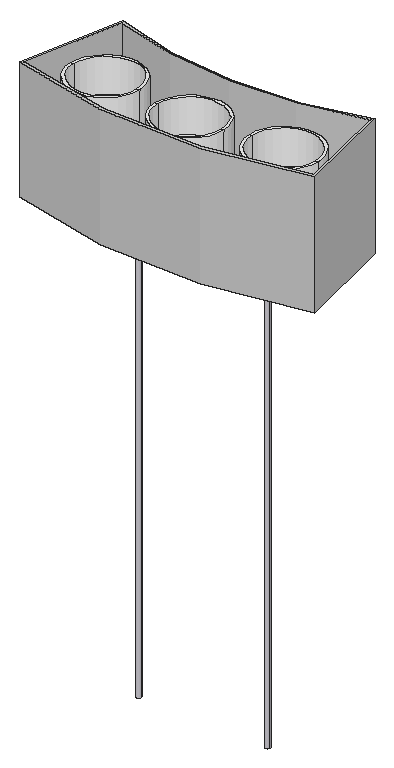
Revit family "Lighting-Pendant-Amerlux-C3M-PCM-A17-3 Light", category Lighting Fixtures, host Face, Revit 2015
Parameters
  Suspension Length [instance] = 2' - 0"
  Housing Length = 1' - 4 3/8"
  Voltage = 0 V
  URL = "http://www.amerlux.com"
  Trim [instance] = yes
  Rotation Angle = 90.00°
  Power Factor = 1
  Number of Poles = 1
  Model = "C3M-PCM-A17\r\n1LT LED\r\n1\r\n1LT LED"
  Manufacturer = "Amerlux"
  Housing Width = 0' - 5"
  Lamp = "LED"
  Fixture Finish = White
  Description = "Suspended Multiple 3 Light"
  Depth = 0' - 6 1/2"
  Default Elevation = 4' - 0"
  Apparent Load = 0 VA
Reference planes (in)
  plane 1 "Center (Front/Back)": y = 0
  plane 2: z = 0
  plane 3 "Center (Left/Right)": x = 0
  plane 4: z = 18.64986
  plane 5: z = -4.75
  plane 6: z = 24
  plane 7: z = 30.64986
  plane 8: x = -8.1875
  plane 9: x = 8.1875
  plane 10: z = 26.3856
Forms (in)
  Extrusion 1, solid, material "White Finish"
    sketch origin (-3.5625, 0, 0) x (1, 0, 0) y (0, 1, 0)
      loop
        circle (0, 0) r 0.12434
    from 0 to 24
  Extrusion 2, solid, material "White Finish"
    sketch origin (3.5, 0, 0) x (1, 0, 0) y (0, 1, 0)
      loop
        circle (0, 0) r 0.12434
    from 0 to 24
  Extrusion 3, solid, material "Natural Aluminum"
    sketch origin (0, 0, 0) x (1, 0, 0) y (0, 1, 0)
      loop
        arc (6.83921, 3.15055) -> (-0.06342, 1.94492) -> (-6.97069, 3.12373) r 20.59169
        line (-6.97069, 3.12373) -> (-8.15111, -2.42969)
        arc (-8.15111, -2.42969) -> (-0.06386, -3.68852) -> (8.02189, -2.42009) r 26.50629
        line (8.02189, -2.42009) -> (6.83921, 3.15055)
    from 24 to 30.64986
  Extrusion 4, void
    sketch origin (0, 0, 0) x (1, 0, 0) y (0, 1, 0)
      loop
        line (-6.87472, 2.97403) -> (-8.00305, -2.33435)
        arc (-8.00305, -2.33435) -> (-0.06386, -3.55286) -> (7.87387, -2.32488) r 26.37063
        line (7.87387, -2.32488) -> (6.74334, 3.00031)
        arc (6.74334, 3.00031) -> (-0.06347, 1.83532) -> (-6.87472, 2.97403) r 20.70129
    from 26.3856 to 30.64986
Cuts and joins
  Extrusion 4 cuts Extrusion 1
  Extrusion 4 cuts Extrusion 2
  Extrusion 4 cuts Extrusion 3
Dimensions and locks (in)
  "Suspension Length": plane 6 to level
  locked: plane 7 to plane 6 at 6.64986
  equal spacing: plane 8, plane 3 "Center (Left/Right)", plane 9
  "Housing Length": plane 8 to plane 9
  plane 7 to cut or joined group of Extrusion 3, Extrusion 4 to cut or joined group of Extrusion 3, Extrusion 4 = 0' - 4.26426" locked, 0' - 2.3856" locked
  locked: cut or joined group of Extrusion 3, Extrusion 4 to cut or joined group of Extrusion 3, Extrusion 4 at 4.26426
  aligned and locked: plane 2 to host face
  aligned and locked: level to host face
  aligned and locked: plane 7 to Extrusion 3
  aligned and locked: plane 7 to Extrusion 4
  aligned and locked: plane 6 to Extrusion 2
  aligned and locked: plane 6 to Extrusion 1
Automatic sketch dimensions
  host sketch curve to host sketch curve = 2' - 6.49556"
  host sketch curve to host sketch curve = 2' - 7.77944"
  plane 1 "Center (Front/Back)" to Extrusion 1 sketch curve = 0' - 0"
  Extrusion 1 sketch curve to plane 3 "Center (Left/Right)" = 0' - 3 9/16"
  plane 1 "Center (Front/Back)" to Extrusion 2 sketch curve = 0' - 0"
  plane 3 "Center (Left/Right)" to Extrusion 2 sketch curve = 0' - 3 1/2"
  Extrusion 3 sketch curve to plane 8 = 0' - 1.21681"
  Extrusion 3 sketch curve to plane 3 "Center (Left/Right)" = 0' - 0.10342"
  Extrusion 3 sketch curve to plane 1 "Center (Front/Back)" = 0' - 3.12373"
  Extrusion 3 sketch curve to Extrusion 3 sketch curve = 1' - 7.41284"
  Extrusion 3 sketch curve to plane 8 = 0' - 0.03639"
  plane 9 to Extrusion 3 sketch curve = 0' - 1.34829"
  plane 1 "Center (Front/Back)" to Extrusion 3 sketch curve = 0' - 2 55/128"
  Extrusion 3 sketch curve to plane 3 "Center (Left/Right)" = 0' - 0.07959"
  Extrusion 3 sketch curve to Extrusion 3 sketch curve = 0' - 0.2812"
  plane 9 to Extrusion 3 sketch curve = 0' - 0.16561"
  Extrusion 4 sketch curve to plane 8 = 0' - 1.31278"
  Extrusion 4 sketch curve to plane 3 "Center (Left/Right)" = 0' - 0.10342"
  Extrusion 4 sketch curve to plane 1 "Center (Front/Back)" = 0' - 2.97403"
  Extrusion 4 sketch curve to Extrusion 4 sketch curve = 1' - 7.56254"
  Extrusion 4 sketch curve to plane 8 = 0' - 0.18445"
  plane 9 to Extrusion 4 sketch curve = 0' - 1.44416"
  plane 1 "Center (Front/Back)" to Extrusion 4 sketch curve = 0' - 2.33435"
  Extrusion 4 sketch curve to plane 3 "Center (Left/Right)" = 0' - 0.07959"
  Extrusion 4 sketch curve to Extrusion 4 sketch curve = 0' - 0.2812"
  plane 9 to Extrusion 4 sketch curve = 0' - 0.31363"
  radius of Extrusion 1 sketch curve = 0' - 0.12434"
  radius of Extrusion 2 sketch curve = 0' - 0.12434"
Nested families (in)
  nested 1: "Lighting-Accent-Amerlux-Cylindrix III Mini C3MV" at (-6.08243, -2.31241, 26.3856), type "Lighting-Accent-Amerlux-Cylindrix III Mini C3MV"
    with Rotation Angle 90.00°, Light Source Angle 90.00°
  nested 2: "Lighting-Accent-Amerlux-Cylindrix III Mini C3MV" at (-1.06047, -2.81562, 26.3856), type "Lighting-Accent-Amerlux-Cylindrix III Mini C3MV"
    with Rotation Angle 90.00°, Light Source Angle 90.00°
  nested 3: "Lighting-Accent-Amerlux-Cylindrix III Mini C3MV" at (3.80961, -2.43416, 26.3856), type "Lighting-Accent-Amerlux-Cylindrix III Mini C3MV"
    with Rotation Angle 90.00°, Light Source Angle 90.00°
Connectors (in)
  electrical at (-0.06514, 0.32878, 26.3856), driven by "Number of Poles", driven by "Voltage", driven by "Apparent Load"
    settings: on cut or joined group of Extrusion 3, Extrusion 4, index 1, voltage 0 V, apparent load 0 VA, apparent load phase1 0 VA, apparent load phase2 0 VA, apparent load phase3 0 VA, power factor 1, load classification "Other", number of poles 1, system type 31, power factor state 1, is connector primary yes, connector utility no, sub classification motor no, connector description ""
Definition of nested family "Lighting-Accent-Amerlux-Cylindrix III Mini C3MV"
  Parameters (values of type "Lighting-Accent-Amerlux-Cylindrix III Mini C3MV")
    Voltage = 0 V
    Rotation Angle [instance] = 90.00°
    Power Factor = 1
    Photometric Web File = ""
    Number of Poles = 1
    Material = none
    Light Source Angle [instance] = Rotation Angle  # 90.00°
    Lamp = "LED"
    Input Wattage = ""
    Wattage = 26 W
    built-in parameter 1150110 = 1 (stored number, unit not read)
    URL = "http://www.amerlux.com"
    built-in parameter 1114217 = 1 (stored number, unit not read)
    Tilt Angle = 90.00°
    built-in parameter 1150109 = 1 (stored number, unit not read)
    built-in parameter 1150134 = 12
    built-in parameter 1150113 = 1 (stored number, unit not read)
    Model = "Cylindrix III Mini"
    Manufacturer = "Amerlux"
    built-in parameter 1150105 = 206.9 (stored number, unit not read)
    Lumens = 2600 lm
    built-in parameter 1150115 = 1 (stored number, unit not read)
    built-in parameter 1150137 = (empty or 0)
    built-in parameter 1150139 = (empty or 0)
    built-in parameter 1150112 = 1 (stored number, unit not read)
    built-in parameter 1150114 = 1 (stored number, unit not read)
    Keynote = ""
    built-in parameter 1150132 = (empty or 0)
    built-in parameter 1150102 = (empty or 0)
    built-in parameter 1150107 = 4000 (stored number, unit not read)
    built-in parameter 1150138 = (empty or 0)
    built-in parameter 1150106 = 2.069 (stored number, unit not read)
    Finish = ""
    Emit from Circle Diameter = 0' - 3 1/4"
    Emit Shape Visible in Rendering = yes
    built-in parameter 1150104 = 9.2903 (stored number, unit not read)
    Dimming Lamp Color Temperature Shift = (empty or 0)
    Description = "Track Lighting"
    Default Elevation = 4' - 0"
    Color Filter = 16777215
    built-in parameter 1114218 = 1 (stored number, unit not read)
    built-in parameter 1150133 = 10 (stored number, unit not read)
    Assembly Code = ""
    Apparent Load = 0 VA
  Reference planes (in)
    plane 1 "Center (Front/Back)": y = 2.00423
    plane 2: z = 0
    plane 3 "Center (Left/Right)": x = 2.916
    plane 4: z = 5.5625
    plane 5: y = 3.00423
    plane 6: y = 1.00423
    plane 7: through (0, 3.00979, 3.84794) normal (0, 0.5736, 0.8192)
    plane 8: through (0, -1.77321, 2.57435) normal (0, -0.5736, -0.8192)
  Forms (in)
    Extrusion 1, solid
      sketch origin (0, -1.75, 0) x (1, 0, 0) y (0, 1, 0)
        loop
          line (-4.834, 9.47868) -> (-4.834, -2.91739) -> (7.17098, -2.91739) -> (7.17098, 9.47868) -> (-4.834, 9.47868)
      from 0 to -0.03652
  Dimensions and locks (in)
    equal spacing: plane 5, plane 1 "Center (Front/Back)", plane 6
    "Rotation Angle": angle level to nested 1
    "Light Source Angle": angle level to imposter light
    aligned and locked: plane 2 to Extrusion 1
    aligned and locked: level to Extrusion 1
    aligned: imposter light to plane 1 "Center (Front/Back)"
    aligned and locked: imposter light to nested 1
  Automatic sketch dimensions
    Extrusion 1 sketch curve to Extrusion 1 sketch curve = 1' - 0.00498"
    Extrusion 1 sketch curve to Extrusion 1 sketch curve = 1' - 0.39607"
  Nested families (in)
    nested 1: "Track Head" at (1.77159, 1.95428, 1.84844) x (0, -1, 0) z (-1, 0, 0), type "Track Head"
  Definition of nested family "Track Head"
    Parameters
      Width = 0' - 3 11/16"
      Material = none
      Default Elevation = 4' - 0"
      Assembly Code = ""
    Reference planes (in)
      plane 1 "Center (Front/Back)": y = 0
      plane 2: z = 0
      plane 3 "Center (Left/Right)": x = 0
      plane 4: z = 0.81682
      plane 5: z = 0.81682
      plane 6: y = 1.84375
      plane 7: y = -1.84375
      plane 8: z = 3.25
    Forms (in)
      Extrusion 1, solid
        sketch origin (0, 0, 0) x (1, 0, 0) y (0, 1, 0)
          loop
            line (-48, 48) -> (-48, -48) -> (48, -48) -> (48, 48) -> (-48, 48)
        from 0 to -0.80444
      Revolve 2, solid, material <- "Material"
        sketch origin (0, 0, -1.8125) x (0, 1, 0) y (0, 0, 1)
          loop
            line (-1.34375, 4.52266) -> (-1.84375, 4.23398) -> (-1.84375, 2.62932) -> (1.84375, 2.62932) -> (1.84375, 4.52266) -> (-1.34375, 4.52266)
          axis (-1.84375, 2.62932) -> (1.84375, 2.62932)
        angle from 0 to 360
      Revolve 3, void
        sketch origin (0, 0, -1.8125) x (0, 1, 0) y (0, 0, 1)
          loop
            line (1.84375, 2.62932) -> (1.84375, 4.37932) -> (0, 4.37932) -> (0, 2.62932) -> (1.84375, 2.62932)
          axis (0, 2.62932) -> (1.84375, 2.62932)
        angle from 0 to 360
    Cuts and joins
      Revolve 3 cuts Revolve 2
    Dimensions and locks (in)
      equal spacing: plane 6, plane 1 "Center (Front/Back)", plane 7
      "Width": plane 6 to plane 7
      radius of cut or joined group of Revolve 2, Revolve 3 = 0' - 1.89334"
      aligned and locked: plane 2 to Extrusion 1
      aligned and locked: level to Extrusion 1
      aligned and locked: Revolve 2 sketch curve to plane 4
      aligned and locked: Revolve 3 sketch curve to plane 5
      aligned and locked: plane 7 to Revolve 2 sketch curve
      aligned and locked: Revolve 2 sketch curve to plane 6
      aligned and locked: cut or joined group of Revolve 2, Revolve 3 to cut or joined group of Revolve 2, Revolve 3
      aligned and locked: plane 1 "Center (Front/Back)" to cut or joined group of Revolve 2, Revolve 3
    Automatic sketch dimensions
      Extrusion 1 sketch curve to Extrusion 1 sketch curve = 8' - 0"  (x2)
      Revolve 3 sketch curve to plane 5 = 0' - 0"
      Revolve 3 sketch curve to plane 1 "Center (Front/Back)" = 0' - 0"
      plane 6 to Revolve 3 sketch curve = 0' - 0"
      Revolve 3 sketch curve to Revolve 3 sketch curve = 0' - 1 3/4"
      plane 7 to Revolve 3 sketch curve = 0' - 0.4751"
      Revolve 3 sketch curve to plane 6 = 0' - 1.36838"
      Revolve 2 sketch curve to plane 4 = 0' - 0"
      Revolve 2 sketch curve to Revolve 2 sketch curve = 0' - 1.89334"
      plane 7 to Revolve 2 sketch curve = 0' - 5.73878"
      Revolve 2 sketch curve to plane 6 = 0' - 7.02134"
      Revolve 2 sketch curve to Revolve 2 sketch curve = 0' - 0.28868"
      Revolve 2 sketch curve to plane 7 = 0' - 0 1/2"
